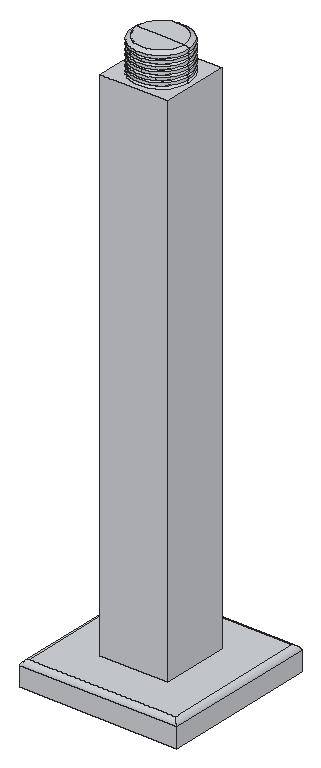
Revit family "Shower-Ceiling_Mount-Showerarm-KOHLER-Complementary-K-20137IN", category Plumbing Fixtures, host Face, Revit 2017
Family settings
  Host = Face
  Round Connector Dimension = Use Diameter
  Part Type = Normal
  OmniClass Number = 23.31.25.00
  Cut with Voids When Loaded = No
  Shared = No
  Room Calculation Point = No
Parameters (values of type "CP-Polished Chrome")
  Width = 2 73/256"  # constant formula
  WaterSense Certified = 1 = 0  # no
  Waste Water Outlet = "Waste Water Outlet"  # constant formula
  Waste Connection = 1 = 0  # no
  Vent Connection = 1 = 0  # no
  URL = "https://www.kohler.co.in/"
  Type = 1
  Tempered water Inlet = "Tempered Water Inlet"  # constant formula
  Product Page URL = "https://www.kohler.co.in/product-detail/20137in?skuid=K-20137IN-CP"
  Product Name = "Complementary\r\n"  # constant formula
  Product Documentation Link = ""
  Pressure = 0.00 psi
  Panel Thickness = 0"
  Model = "K-20137IN-CP"  # constant formula
  Material = "Solid Brass Construction"  # constant formula
  Master Format 2014 Name = "Residential Showers"  # constant formula
  Master Format 2014 = "22 42 23"  # constant formula
  Manufacturer Address = "Ambience Office Tower NH-8 Gurgaon / Gurugram Haryana , 122001\r\n"  # constant formula
  Manufacturer = "KOHLER Co."  # constant formula
  Length = 2 73/256"  # constant formula
  Hot Water Inlet = "Hot Water Inlet"  # constant formula
  Height = 8 109/256"  # constant formula
  HW Connection = 1 = 1  # yes
  Flow Rate = 0 GPM
  Finish = Kohler-Metal-CP-Polished_Chrome
  Environmental Product Declaration = ""
  Drain Included = 1 = 0  # no
  Description = "Square shower arm-ceiling mount"  # constant formula
  Default Elevation = 0"
  Declare Label = ""
  Date Modified = "09/15/2020"  # constant formula
  Date Created = "09/15/2020"  # constant formula
  Copyright = "Copyright KOHLER Co."  # constant formula
  Contact Us = "https://www.kohler.co.in/contact-us"
  Cold Water Inlet = "Cold Water Inlet"  # constant formula
  CW Connection = 1 = 0  # no
  Assembly Code = "D2010700"
  ADA Compliant = 1 = 0  # no
Reference planes (in)
  plane 1 "Center (Front/Back)": y = 0
  plane 2: z = 0
  plane 3 "Center (Left/Right)": x = 0
  plane 4: y = 1.14173
  plane 5: x = 1.14173
  plane 6: y = -1.14342
  plane 7: x = -1.14342
  plane 8: x = 0.49214
  plane 9: x = -0.49214
  plane 10: y = 0.49213
  plane 11: y = -0.49213
  plane 12: z = 7.95276
  plane 13: z = 0.35547
  plane 14: z = 8.42578
Dimensions and locks (in)
  "Width": plane 7 to plane 5
  "Length": plane 4 to plane 6
  plane 9 to plane 8 = 0.98428"
  plane 10 to plane 11 = 0.98425"
  plane 12 to host face = 7.95276"
  "Height": plane 14 to level
  aligned and locked: plane 2 to host face
  aligned and locked: level to host face
Automatic sketch dimensions
  host sketch curve to host sketch curve = 96"  (x2)
Nested families (in)
  nested 1: "K-20137IN" at (0, 0, 0), type "K-20137IN"
Connectors (in)
  piping at (0, 0, 0), diameter 0.5, driven by "Tempered water Inlet", driven by "HW Connection", driven by "Flow Rate"
    settings: on nested 1, index 1, connector inside diameter 24", connector length 0", flow factor 0, pipe flow 0 GPM, pressure drop 0.00 psi, fitting loss kfactor 0, connector angle 0.00°, fixture units 0, engagement length 0", angle of deflection 0.00°, flow configuration 0, flow direction 1, fitting loss method 0, system type 19, joint type 0, gender type 0, connector reference index -1, connector utility 1, adjustable connector no, is connector primary yes, connector description "Tempered Water Inlet"
Definition of nested family "K-20137IN"
  Parameters (values of type "K-20137IN")
    Material = none
  Reference planes (in)
    plane 1 "Center (Front/Back)": y = 0
    plane 2: z = 0
    plane 3 "Center (Left/Right)": x = 0
    plane 4: x = 1.14174
    plane 5: x = -1.14174
    plane 6: y = 1.14173
    plane 7: y = -1.14173
    plane 8: z = 7.95276
    plane 9: z = 8.4252
    plane 10: x = 0.49214
    plane 11: x = -0.49214
  Forms (in)
    Sweep 1, solid, material <- "Material", detail levels medium+fine
      path origin (0, 0, 0) x (1, 0, 0) y (0, 1, 0)
        loop
          line (1.14174, -1.14173) -> (1.14174, 1.14173) -> (-1.14172, 1.14173) -> (-1.14172, -1.14173) -> (1.14174, -1.14173)
      profile origin (1.14174, 0, 0) x (-1, 0, 0) y (0, 0, 1)
        loop
          line (0, 0) -> (0.07874, 0) -> (0.07874, 0.35433)
          arc (0.07874, 0.35433) -> (0.02306, 0.33127) -> (0, 0.27559) r 0.07874
          line (0, 0.27559) -> (0, 0)
    Extrusion 2, solid, material <- "Material", detail levels medium+fine
      sketch origin (0, 0, 0) x (1, 0, 0) y (0, 1, 0)
        loop
          line (-1.06298, 1.06299) -> (-1.06298, -1.06315) -> (1.06317, -1.06315) -> (1.06317, 1.06299) -> (-1.06298, 1.06299)
      from 0 to 0.35433
    Extrusion 3, solid, material <- "Material", detail levels medium+fine
      sketch origin (0, 0, 0) x (1, 0, 0) y (0, 1, 0)
        loop
          line (-0.49213, 0.49213) -> (-0.49213, -0.49213) -> (0.49213, -0.49213) -> (0.49213, 0.49213) -> (-0.49213, 0.49213)
      from 0.20773 to 7.95276
    Revolve 4, solid, material <- "Material", detail levels medium+fine
      sketch origin (0, 0, 0) x (1, 0, 0) y (0, 0, 1)
        loop
          line (0.00001, 8.4252) -> (-0.34644, 8.4252) -> (-0.40548, 8.3845) -> (-0.40548, 8.34794) -> (-0.37531, 8.33052) -> (-0.40548, 8.31311) -> (-0.40548, 8.27655) -> (-0.37531, 8.25913) -> (-0.40543, 8.24175) -> (-0.40543, 8.20519) -> (-0.37525, 8.18776) -> (-0.40543, 8.17034) -> (-0.40543, 8.13377) -> (-0.37525, 8.11635) -> (-0.4055, 8.09888) -> (-0.4055, 8.06232) -> (-0.37533, 8.0449) -> (-0.4055, 8.02748) -> (-0.4055, 7.99092) -> (-0.37508, 7.97335) -> (-0.41075, 7.95276) -> (0.00001, 7.95276) -> (0.00001, 8.4252)
        axis (0.00001, 7.95276) -> (0.00001, 8.4252)
      angle from 0 to 360
    Extrusion 5, solid, material <- "Material", detail levels coarse
      sketch origin (0, 0, 0) x (1, 0, 0) y (0, 1, 0)
        loop
          line (1.19096, 1.19095) -> (-1.19093, 1.19095) -> (-1.19093, -1.19094) -> (1.19096, -1.19094) -> (1.19096, 1.19095)
      from 0 to 0.35399
    Extrusion 6, solid, material <- "Material", detail levels coarse
      sketch origin (0, 0, 0) x (1, 0, 0) y (0, 1, 0)
        loop
          line (-0.59192, -0.58659) -> (0.58918, -0.58659) -> (0.58918, 0.59452) -> (-0.59192, 0.59452) -> (-0.59192, -0.58659)
      from 0 to 7.95276
    Extrusion 7, solid, material <- "Material", detail levels coarse
      sketch origin (0, 0, 0) x (1, 0, 0) y (0, 1, 0)
        loop
          circle (-0.00008, 0.00028) r 0.46302
      from 7.95276 to 8.4252
    Extrusion 8, solid, material <- "Material", detail levels medium+fine
      sketch origin (0, 0, 0) x (1, 0, 0) y (0, 1, 0)
        loop
          circle (0, 0) r 0.25
      from 0 to 0.06217
  Cuts and joins
    joined: Sweep 1, Extrusion 2, Extrusion 3, Revolve 4
    joined: Extrusion 5, Extrusion 6, Extrusion 7
  Lines and regions (in)
    Masking region 1
      outline origin (0, 0, 0) x (1, 0, 0) y (0, 1, 0)
        loop
          line (1.14174, -1.06438) -> (1.14174, 1.06269)
          arc (1.14174, 1.06269) -> (1.11859, 1.11858) -> (1.0627, 1.14173) r 0.07904
          line (1.0627, 1.14173) -> (-1.06263, 1.14173)
          arc (-1.06263, 1.14173) -> (-1.11857, 1.11856) -> (-1.14174, 1.06262) r 0.07911
          line (-1.14174, 1.06262) -> (-1.14174, -1.06299)
          arc (-1.14174, -1.06299) -> (-1.11868, -1.11867) -> (-1.063, -1.14173) r 0.07874
          line (-1.063, -1.14173) -> (1.06439, -1.14173)
          arc (1.06439, -1.14173) -> (1.11909, -1.11908) -> (1.14174, -1.06438) r 0.07735
    Masking region 2
      outline origin (0, 0, 0) x (1, 0, 0) y (0, 0, 1)
        loop
          line (0, 0) -> (1.14172, 0) -> (1.14172, 0.27551)
          arc (1.14172, 0.27551) -> (1.11864, 0.33125) -> (1.0629, 0.35433) r 0.07882
          line (1.0629, 0.35433) -> (0.49213, 0.35433) -> (0.49213, 7.95276) -> (0.41075, 7.95276) -> (0.37508, 7.97335) -> (0.4055, 7.99092) -> (0.4055, 8.02748) -> (0.37533, 8.0449) -> (0.4055, 8.06232) -> (0.4055, 8.09888) -> (0.37525, 8.11635) -> (0.40543, 8.13377) -> (0.40543, 8.17034) -> (0.37525, 8.18776) -> (0.40543, 8.20519) -> (0.40543, 8.24175) -> (0.37531, 8.25913) -> (0.40548, 8.27655) -> (0.40548, 8.31311) -> (0.37531, 8.33052) -> (0.40548, 8.34794) -> (0.40548, 8.3845) -> (0.34644, 8.4252) -> (-0.34644, 8.4252) -> (-0.40548, 8.3845) -> (-0.40548, 8.34794) -> (-0.37531, 8.33052) -> (-0.40548, 8.31311) -> (-0.40548, 8.27655) -> (-0.37531, 8.25913) -> (-0.40543, 8.24175) -> (-0.40543, 8.20519) -> (-0.37525, 8.18776) -> (-0.40543, 8.17034) -> (-0.40543, 8.13377) -> (-0.37525, 8.11635) -> (-0.4055, 8.09888) -> (-0.4055, 8.06232) -> (-0.37533, 8.0449) -> (-0.4055, 8.02748) -> (-0.4055, 7.99092) -> (-0.37508, 7.97335) -> (-0.41075, 7.95276) -> (-0.49213, 7.95276) -> (-0.49213, 0.35433) -> (-1.0629, 0.35433)
          arc (-1.0629, 0.35433) -> (-1.11864, 0.33125) -> (-1.14172, 0.27551) r 0.07882
          line (-1.14172, 0.27551) -> (-1.14172, 0) -> (0, 0)
    Masking region 3
      outline origin (0, 0, 0) x (0, 1, 0) y (0, 0, 1)
        loop
          line (-1.14173, 0) -> (1.14173, 0) -> (1.14173, 0.27527)
          arc (1.14173, 0.27527) -> (1.11858, 0.33118) -> (1.06268, 0.35433) r 0.07906
          line (1.06268, 0.35433) -> (0.49213, 0.35433) -> (0.49213, 7.95276) -> (0.41076, 7.95276) -> (0.37509, 7.97335) -> (0.40551, 7.99092) -> (0.40551, 8.02748) -> (0.37534, 8.0449) -> (0.40551, 8.06232) -> (0.40551, 8.09888) -> (0.37526, 8.11635) -> (0.40544, 8.13377) -> (0.40544, 8.17034) -> (0.37526, 8.18776) -> (0.40544, 8.20519) -> (0.40544, 8.24175) -> (0.37533, 8.25913) -> (0.40549, 8.27655) -> (0.40549, 8.31311) -> (0.37533, 8.33052) -> (0.40549, 8.34794) -> (0.40549, 8.3845) -> (0.34646, 8.4252) -> (-0.34646, 8.4252) -> (-0.40549, 8.3845) -> (-0.40549, 8.34794) -> (-0.37533, 8.33052) -> (-0.40549, 8.31311) -> (-0.40549, 8.27655) -> (-0.37533, 8.25913) -> (-0.40544, 8.24175) -> (-0.40544, 8.20519) -> (-0.37526, 8.18776) -> (-0.40544, 8.17034) -> (-0.40544, 8.13377) -> (-0.37526, 8.11635) -> (-0.40551, 8.09888) -> (-0.40551, 8.06232) -> (-0.37534, 8.0449) -> (-0.40551, 8.02748) -> (-0.40551, 7.99092) -> (-0.37509, 7.97335) -> (-0.41076, 7.95276) -> (-0.49213, 7.95276) -> (-0.49213, 0.35433) -> (-1.06268, 0.35433)
          arc (-1.06268, 0.35433) -> (-1.11858, 0.33118) -> (-1.14173, 0.27527) r 0.07906
          line (-1.14173, 0.27527) -> (-1.14173, 0)
    symbolic lines, detail levels medium+fine
      curve 1: line (0.53151, -0.5315, 0) -> (0.53151, 0.5315, 0)
      curve 2: line (-0.53148, 0.5315, 0) -> (-0.53148, -0.5315, 0)
      curve 3: line (-0.53148, -0.5315, 0) -> (0.53151, -0.5315, 0)
      curve 4: line (-0.49213, -0.49213, 0) -> (0.49213, -0.49213, 0)
      curve 5: line (0.49213, -0.49213, 0) -> (0.49213, 0.49213, 0)
      curve 6: line (-0.49213, -0.49213, 0) -> (-0.49213, 0.49213, 0)
      curve 7: line (0.49213, -0.49213, 0) -> (-0.49213, -0.49213, 0)
      curve 8: line (0.49213, 0.49213, 0) -> (-0.49213, 0.49213, 0)
      curve 9: line (-0.53148, 0.5315, 0) -> (0.53151, 0.5315, 0)
      curve 10: circle (0, 0, 0) r 0.41077 normal (0, 0, 1)
      curve 11: circle (0, 0, 0) r 0.40545 normal (0, 0, 1)
      curve 12: circle (0, 0, 0) r 0.34647 normal (0, 0, 1)
      curve 13: line (-0.49214, 0, 0.35433) -> (0.49214, 0, 0.35433)
      curve 14: line (-0.37508, 0, 7.97335) -> (0.37508, 0, 7.97335)
      curve 15: line (0.34647, 0, 8.4252) -> (-0.40548, 0, 8.3845)
      curve 16: line (0.4055, 0, 8.3845) -> (-0.40548, 0, 8.34794)
      curve 17: line (0.40548, 0, 8.34794) -> (-0.40548, 0, 8.31311)
      curve 18: line (0.40548, 0, 8.31311) -> (-0.40548, 0, 8.27655)
      curve 19: line (0.40548, 0, 8.27658) -> (-0.40548, 0, 8.24175)
      curve 20: line (0.40548, 0, 8.24175) -> (-0.40548, 0, 8.20519)
      curve 21: line (0.40548, 0, 8.20514) -> (-0.40548, 0, 8.17031)
      curve 22: line (0.40548, 0, 8.17031) -> (-0.40548, 0, 8.13375)
      curve 23: line (0.40548, 0, 8.13381) -> (-0.40532, 0, 8.09899)
      curve 24: line (0.40548, 0, 8.09898) -> (-0.40548, 0, 8.06242)
      curve 25: line (0.40548, 0, 8.06232) -> (-0.40548, 0, 8.02749)
      curve 26: line (0.40548, 0, 8.02749) -> (-0.40548, 0, 7.99093)
      curve 27: line (-0.41075, 0, 7.95276) -> (0.41075, 0, 7.95276)
      curve 28: line (0, -0.34646, 8.4252) -> (0, 0.40549, 8.3845)
      curve 29: line (0, -0.40549, 8.3845) -> (0, 0.40549, 8.34794)
      curve 30: line (0, 0.40549, 8.31311) -> (0, -0.40549, 8.34794)
      curve 31: line (0, -0.40549, 8.31311) -> (0, 0.40549, 8.27655)
      curve 32: line (0, 0.40549, 8.24172) -> (0, -0.40549, 8.27655)
      curve 33: line (0, -0.40544, 8.24175) -> (0, 0.40544, 8.20519)
      curve 34: line (0, 0.40544, 8.17034) -> (0, -0.40544, 8.20519)
      curve 35: line (0, -0.40544, 8.17034) -> (0, 0.40544, 8.13377)
      curve 36: line (0, 0.40544, 8.09893) -> (0, -0.40544, 8.13377)
      curve 37: line (0, -0.40551, 8.09888) -> (0, 0.40551, 8.06232)
      curve 38: line (0, 0.40551, 8.02748) -> (0, -0.40551, 8.06232)
      curve 39: line (0, -0.40551, 8.02748) -> (0, 0.40551, 7.99092)
      curve 40: line (0, -0.37509, 7.97335) -> (0, 0.37509, 7.97335)
      curve 41: line (0, 0.41076, 7.95276) -> (0, -0.41076, 7.95276)
      curve 42: line (0, 0.49213, 0.35433) -> (0, -0.49213, 0.35433)
  Dimensions and locks (in)
    plane 5 to plane 4 = 2.28349"
    plane 7 to plane 6 = 2.28346"
    plane 8 to level = 7.95276"
    plane 9 to plane 8 = 0.47244"
    plane 10 to plane 11 = 0.98428"
    aligned and locked: level to plane 2
